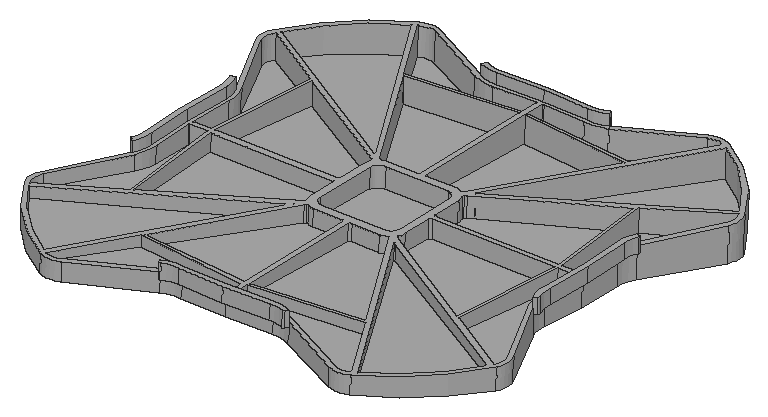
Revit family "Gefälleblock 2,5 Grad BIG FOOT 330", category HLS-Bauteile, Revit 2023
Family settings
  Bemaßung runder Anschluss = Durchmesser verwenden
  Klassifizierung = Keine
  Teiletyp = Normal
  Arbeitsebenenbasiert = Ja
  Immer vertikal = Nein
  Beim Laden mit Abzugskörper schneiden = Nein
  Beschriftungsausrichtung beibehalten = Nein
  Gemeinsam genutzt = Ja
  Raumberechnungspunkt = Nein
Parameters
  vpe = "1"
  passend für = "BIG FOOT® 330"
  max. Temperaturbeständigkeit = "80 °C"
  Default Elevation = 1219.2 mm
  Regelhalter [instance] = ""
  Neigung = "2.5 °"
  Mengeneinheit = "St"
  Materialname = "Polyamid 6"
  Material = "Kunststoff"
  Länge = 330 mm
  Kurztext2 = "Kunststoff 330x330x12 / 26 mm 2,5 °"
  Kurztext1 = "Gefälleblock BIG FOOT® 330"
  Höhe 2 = "26 mm"
  Höhe 1 = "12 mm"
  Gewicht pro Bauteil = Gewicht  # 0.60 kg
  Gewicht = 0.60 kg
  Fabrikat = "MEFA"
  EAN = "4250928468932"
  Breite = 330 mm
  Artikelnummer = "08197628"
Reference planes
  plane 1 "Mitte (Vorne/hinten)": y = 0
  plane 2: z = 0
  plane 3 "Mitte (Links/rechts)": x = 0
Forms (mm)
  Extrusion 1, solid, material "MEFA PA 6"
    sketch origin (0, -0.763, -18.932) x (1, 0, 0) y (0, 0.999048, -0.043619)
      loop
        arc (-92.67, 163.502) -> (-99.992, 165.249) -> (-107.242, 163.219) r 15
        arc (-107.242, 163.219) -> (-138.992, 138.987) -> (-163.222, 107.236) r 150
        arc (-163.222, 107.236) -> (-165.249, 99.989) -> (-163.502, 92.67) r 15
        line (-163.502, 92.67) -> (-138.498, 44.638)
        arc (-138.498, 44.638) -> (-136.225, 38.238) -> (-135.758, 31.463) r 25
        line (-135.758, 31.463) -> (-136.857, 0) -> (-135.758, -31.463)
        arc (-135.758, -31.463) -> (-136.225, -38.238) -> (-138.498, -44.638) r 25
        line (-138.498, -44.638) -> (-163.502, -92.67)
        arc (-163.502, -92.67) -> (-165.249, -99.989) -> (-163.222, -107.236) r 15
        arc (-163.222, -107.236) -> (-138.992, -138.987) -> (-107.242, -163.219) r 150
        arc (-107.242, -163.219) -> (-99.992, -165.249) -> (-92.67, -163.502) r 15
        line (-92.67, -163.502) -> (-44.638, -138.498)
        arc (-44.638, -138.498) -> (-38.238, -136.225) -> (-31.463, -135.758) r 25
        line (-31.463, -135.758) -> (0, -136.857) -> (31.463, -135.758)
        arc (31.463, -135.758) -> (38.238, -136.225) -> (44.638, -138.498) r 25
        line (44.638, -138.498) -> (92.67, -163.502)
        arc (92.67, -163.502) -> (99.992, -165.249) -> (107.242, -163.219) r 15
        arc (107.242, -163.219) -> (138.992, -138.987) -> (163.222, -107.236) r 150
        arc (163.222, -107.236) -> (165.249, -99.989) -> (163.502, -92.67) r 15
        line (163.502, -92.67) -> (138.498, -44.638)
        arc (138.498, -44.638) -> (136.225, -38.238) -> (135.758, -31.463) r 25
        line (135.758, -31.463) -> (136.857, 0) -> (135.758, 31.463)
        arc (135.758, 31.463) -> (136.225, 38.238) -> (138.498, 44.638) r 25
        line (138.498, 44.638) -> (163.502, 92.67)
        arc (163.502, 92.67) -> (165.249, 99.989) -> (163.222, 107.236) r 15
        arc (163.222, 107.236) -> (138.992, 138.987) -> (107.242, 163.219) r 150
        arc (107.242, 163.219) -> (99.992, 165.249) -> (92.67, 163.502) r 15
        line (92.67, 163.502) -> (44.638, 138.498)
        arc (44.638, 138.498) -> (38.238, 136.225) -> (31.463, 135.758) r 25
        line (31.463, 135.758) -> (0, 136.857) -> (-31.463, 135.758)
        arc (-31.463, 135.758) -> (-38.238, 136.225) -> (-44.638, 138.498) r 25
        line (-44.638, 138.498) -> (-92.67, 163.502)
    from 0 to 35
  Extrusion 2, void, detail levels medium+fine
    sketch origin (0, 2.334, 52) x (-1, 0, 0) y (0, -0.999048, 0.043619)
      loop
        arc (-34.773, -35.677) -> (-34.843, -35.116) -> (-35.404, -35.047) r 0.46
        line (-35.404, -35.047) -> (-158.623, -108.782)
        arc (-158.623, -108.782) -> (-136.558, -136.863) -> (-108.412, -158.846) r 148.088
        line (-108.412, -158.846) -> (-34.773, -35.677)
      loop
        line (-32.94, -29.823) -> (-31.816, -28.7)
        arc (-31.816, -28.7) -> (-31.522, -28.208) -> (-31.494, -27.636) r 1.179
        arc (-31.494, -27.636) -> (-32.431, -25.282) -> (-32.71, -22.764) r 9.469
        line (-32.71, -22.764) -> (-32.71, -3.235)
        arc (-32.71, -3.235) -> (-33.15, -2.173) -> (-34.212, -1.733) r 1.502
        line (-34.212, -1.733) -> (-133.667, -1.733) -> (-133.667, -2.739) -> (-132.582, -31.24)
        arc (-132.582, -31.24) -> (-133.099, -38.888) -> (-135.673, -46.108) r 27.963
        line (-135.673, -46.108) -> (-160.665, -94.116)
        arc (-160.665, -94.116) -> (-161.994, -100.047) -> (-160.247, -105.869) r 12
        line (-160.247, -105.869) -> (-32.94, -29.823)
      loop
        line (-29.664, -33.037) -> (-105.568, -160.425)
        arc (-105.568, -160.425) -> (-99.872, -161.999) -> (-94.116, -160.665) r 12
        line (-94.116, -160.665) -> (-46.108, -135.673)
        arc (-46.108, -135.673) -> (-38.888, -133.099) -> (-31.24, -132.582) r 27.963
        line (-31.24, -132.582) -> (-2.739, -133.667) -> (-1.733, -133.667) -> (-1.733, -34.212)
        arc (-1.733, -34.212) -> (-2.173, -33.15) -> (-3.235, -32.71) r 1.502
        line (-3.235, -32.71) -> (-22.764, -32.71)
        arc (-22.764, -32.71) -> (-25.188, -32.454) -> (-27.467, -31.587) r 9.469
        arc (-27.467, -31.587) -> (-28.09, -31.576) -> (-28.631, -31.885) r 1.179
        line (-28.631, -31.885) -> (-29.664, -33.037)
      loop
        line (-34.773, 35.677) -> (-108.412, 158.846)
        arc (-108.412, 158.846) -> (-136.558, 136.863) -> (-158.623, 108.782) r 148.088
        line (-158.623, 108.782) -> (-35.404, 35.047)
        arc (-35.404, 35.047) -> (-34.843, 35.116) -> (-34.773, 35.677) r 0.46
      loop
        line (-32.94, 29.823) -> (-160.247, 105.869)
        arc (-160.247, 105.869) -> (-161.994, 100.047) -> (-160.665, 94.116) r 12
        line (-160.665, 94.116) -> (-135.673, 46.108)
        arc (-135.673, 46.108) -> (-133.099, 38.888) -> (-132.582, 31.24) r 27.963
        line (-132.582, 31.24) -> (-133.667, 2.739) -> (-133.667, 1.733) -> (-34.212, 1.733)
        arc (-34.212, 1.733) -> (-33.15, 2.173) -> (-32.71, 3.235) r 1.502
        line (-32.71, 3.235) -> (-32.71, 22.764)
        arc (-32.71, 22.764) -> (-32.431, 25.282) -> (-31.494, 27.636) r 9.469
        arc (-31.494, 27.636) -> (-31.522, 28.208) -> (-31.816, 28.7) r 1.179
        line (-31.816, 28.7) -> (-32.94, 29.823)
      loop
        line (-29.664, 33.037) -> (-28.631, 31.885)
        arc (-28.631, 31.885) -> (-28.09, 31.576) -> (-27.467, 31.587) r 1.179
        arc (-27.467, 31.587) -> (-25.188, 32.454) -> (-22.764, 32.71) r 9.469
        line (-22.764, 32.71) -> (-3.235, 32.71)
        arc (-3.235, 32.71) -> (-2.173, 33.15) -> (-1.733, 34.212) r 1.502
        line (-1.733, 34.212) -> (-1.733, 133.667) -> (-2.739, 133.667) -> (-31.24, 132.582)
        arc (-31.24, 132.582) -> (-38.888, 133.099) -> (-46.108, 135.673) r 27.963
        line (-46.108, 135.673) -> (-94.116, 160.665)
        arc (-94.116, 160.665) -> (-99.872, 161.999) -> (-105.568, 160.425) r 12
        line (-105.568, 160.425) -> (-29.664, 33.037)
      loop
        line (34.773, -35.677) -> (108.412, -158.846)
        arc (108.412, -158.846) -> (136.558, -136.863) -> (158.623, -108.782) r 148.088
        line (158.623, -108.782) -> (35.404, -35.047)
        arc (35.404, -35.047) -> (34.843, -35.116) -> (34.773, -35.677) r 0.46
      loop
        line (32.94, -29.823) -> (160.247, -105.869)
        arc (160.247, -105.869) -> (161.994, -100.047) -> (160.665, -94.116) r 12
        line (160.665, -94.116) -> (135.673, -46.108)
        arc (135.673, -46.108) -> (133.099, -38.888) -> (132.582, -31.24) r 27.963
        line (132.582, -31.24) -> (133.667, -2.739) -> (133.667, -1.733) -> (34.212, -1.733)
        arc (34.212, -1.733) -> (33.15, -2.173) -> (32.71, -3.235) r 1.502
        line (32.71, -3.235) -> (32.71, -22.764)
        arc (32.71, -22.764) -> (32.431, -25.282) -> (31.494, -27.636) r 9.469
        arc (31.494, -27.636) -> (31.522, -28.208) -> (31.816, -28.7) r 1.179
        line (31.816, -28.7) -> (32.94, -29.823)
      loop
        line (29.664, -33.037) -> (28.631, -31.885)
        arc (28.631, -31.885) -> (28.09, -31.576) -> (27.467, -31.587) r 1.179
        arc (27.467, -31.587) -> (25.188, -32.454) -> (22.764, -32.71) r 9.469
        line (22.764, -32.71) -> (3.235, -32.71)
        arc (3.235, -32.71) -> (2.173, -33.15) -> (1.733, -34.212) r 1.502
        line (1.733, -34.212) -> (1.733, -133.667) -> (2.739, -133.667) -> (31.24, -132.582)
        arc (31.24, -132.582) -> (38.888, -133.099) -> (46.108, -135.673) r 27.963
        line (46.108, -135.673) -> (94.116, -160.665)
        arc (94.116, -160.665) -> (99.872, -161.999) -> (105.568, -160.425) r 12
        line (105.568, -160.425) -> (29.664, -33.037)
      loop
        arc (34.773, 35.677) -> (34.843, 35.116) -> (35.404, 35.047) r 0.46
        line (35.404, 35.047) -> (158.623, 108.782)
        arc (158.623, 108.782) -> (136.558, 136.863) -> (108.412, 158.846) r 148.088
        line (108.412, 158.846) -> (34.773, 35.677)
      loop
        line (32.94, 29.823) -> (31.816, 28.7)
        arc (31.816, 28.7) -> (31.522, 28.208) -> (31.494, 27.636) r 1.179
        arc (31.494, 27.636) -> (32.431, 25.282) -> (32.71, 22.764) r 9.469
        line (32.71, 22.764) -> (32.71, 3.235)
        arc (32.71, 3.235) -> (33.15, 2.173) -> (34.212, 1.733) r 1.502
        line (34.212, 1.733) -> (133.667, 1.733) -> (133.667, 2.739) -> (132.582, 31.24)
        arc (132.582, 31.24) -> (133.099, 38.888) -> (135.673, 46.108) r 27.963
        line (135.673, 46.108) -> (160.665, 94.116)
        arc (160.665, 94.116) -> (161.994, 100.047) -> (160.247, 105.869) r 12
        line (160.247, 105.869) -> (32.94, 29.823)
      loop
        line (29.664, 33.037) -> (105.568, 160.425)
        arc (105.568, 160.425) -> (99.872, 161.999) -> (94.116, 160.665) r 12
        line (94.116, 160.665) -> (46.108, 135.673)
        arc (46.108, 135.673) -> (38.888, 133.099) -> (31.24, 132.582) r 27.963
        line (31.24, 132.582) -> (2.739, 133.667) -> (1.733, 133.667) -> (1.733, 34.212)
        arc (1.733, 34.212) -> (2.173, 33.15) -> (3.235, 32.71) r 1.502
        line (3.235, 32.71) -> (22.764, 32.71)
        arc (22.764, 32.71) -> (25.188, 32.454) -> (27.467, 31.587) r 9.469
        arc (27.467, 31.587) -> (28.09, 31.576) -> (28.631, 31.885) r 1.179
        line (28.631, 31.885) -> (29.664, 33.037)
    from -64.253 to -36
  Extrusion 3, solid, material "MEFA PA 6"
    sketch origin (0, -0.763, -18.932) x (1, 0, 0) y (0, 0.999048, -0.043619)
      loop
        arc (-0.125, 120.856) -> (-39.035, 118.976) -> (-77.602, 113.491) r 419.112
        line (-77.602, 113.491) -> (-76.531, 111.693)
        arc (-76.531, 111.693) -> (-38.492, 117.027) -> (-0.125, 118.856) r 419.112
        arc (-0.125, 118.856) -> (38.368, 117.039) -> (76.531, 111.693) r 418.933
        line (76.531, 111.693) -> (77.602, 113.491)
        arc (77.602, 113.491) -> (38.91, 118.988) -> (-0.125, 120.856) r 418.933
      loop
        arc (-120.856, 0.125) -> (-118.974, -39.064) -> (-113.434, -77.905) r 418.933
        line (-113.434, -77.905) -> (-111.637, -76.832)
        arc (-111.637, -76.832) -> (-117.025, -38.52) -> (-118.856, 0.125) r 418.933
        arc (-118.856, 0.125) -> (-117.013, 38.645) -> (-111.637, 76.832) r 419.112
        line (-111.637, 76.832) -> (-113.434, 77.905)
        arc (-113.434, 77.905) -> (-118.961, 39.189) -> (-120.856, 0.125) r 419.112
      loop
        arc (0.125, -120.856) -> (39.035, -118.976) -> (77.602, -113.491) r 419.112
        line (77.602, -113.491) -> (76.531, -111.693)
        arc (76.531, -111.693) -> (38.492, -117.027) -> (0.125, -118.856) r 419.112
        arc (0.125, -118.856) -> (-38.368, -117.039) -> (-76.531, -111.693) r 418.933
        line (-76.531, -111.693) -> (-77.602, -113.491)
        arc (-77.602, -113.491) -> (-38.91, -118.988) -> (0.125, -120.856) r 418.933
      loop
        arc (120.856, -0.125) -> (118.974, 39.064) -> (113.434, 77.905) r 418.933
        line (113.434, 77.905) -> (111.637, 76.832)
        arc (111.637, 76.832) -> (117.025, 38.52) -> (118.856, -0.125) r 418.933
        arc (118.856, -0.125) -> (117.013, -38.645) -> (111.637, -76.832) r 419.112
        line (111.637, -76.832) -> (113.434, -77.905)
        arc (113.434, -77.905) -> (118.961, -39.189) -> (120.856, -0.125) r 419.112
    from 6.747 to 25
  Extrusion 4, void
    sketch origin (0, 0, 0) x (0, 1, 0) y (0, 0, 1)
      loop
        line (165.858, 8.826) -> (-164.331, 23.243) -> (-165.346, 0) -> (165.472, 0) -> (165.858, 8.826)
    from -170 to 170
  Extrusion 5, solid, material "MEFA PA 6"
    sketch origin (0, -0.763, -18.932) x (1, 0, 0) y (0, 0.999048, -0.043619)
      loop
        line (-31.463, 135.758) -> (-0.005, 136.857) -> (31.474, 135.757)
        arc (31.474, 135.757) -> (38.243, 136.226) -> (44.638, 138.498) r 25
        line (44.638, 138.498) -> (43.463, 140.768)
        arc (43.463, 140.768) -> (42.914, 141.249) -> (42.184, 141.229) r 1
        arc (42.184, 141.229) -> (36.997, 139.665) -> (31.596, 139.255) r 25
        line (31.596, 139.255) -> (-0.004, 140.359) -> (-31.545, 139.257)
        arc (-31.545, 139.257) -> (-36.972, 139.661) -> (-42.184, 141.229) r 25
        arc (-42.184, 141.229) -> (-42.914, 141.249) -> (-43.463, 140.768) r 1
        line (-43.463, 140.768) -> (-44.638, 138.498)
        arc (-44.638, 138.498) -> (-38.238, 136.225) -> (-31.463, 135.758) r 25
    from 21.9 to 31.9
  Extrusion 6, solid, material "MEFA PA 6"
    sketch origin (0, 3.904, -3) x (1, 0, 0) y (0, 1, 0)
      loop
        line (136.857, -3.971) -> (135.801, -34.224)
        arc (135.801, -34.224) -> (136.063, -41.582) -> (138.448, -48.547) r 25.1
        line (138.448, -48.547) -> (140.82, -47.321)
        arc (140.82, -47.321) -> (141.289, -46.79) -> (141.279, -46.082) r 0.982
        arc (141.279, -46.082) -> (139.843, -41.065) -> (139.48, -35.86) r 25
        line (139.48, -35.86) -> (140.593, -3.971) -> (139.47, 28.175)
        arc (139.47, 28.175) -> (139.874, 33.608) -> (141.446, 38.824) r 25
        arc (141.446, 38.824) -> (141.429, 39.636) -> (140.811, 40.163) r 0.991
        line (140.811, 40.163) -> (138.56, 40.821)
        arc (138.56, 40.821) -> (136.415, 35.128) -> (135.703, 29.086) r 25.1
        line (135.703, 29.086) -> (136.857, -3.971)
    from 0 to 10
  Extrusion 7, solid, material "MEFA PA 6"
    sketch origin (0, 3.904, -3) x (-1, 0, 0) y (0, -1, 0)
      loop
        line (136.857, 3.971) -> (135.703, -29.086)
        arc (135.703, -29.086) -> (136.412, -35.128) -> (138.56, -40.821) r 25
        line (138.56, -40.821) -> (140.811, -40.163)
        arc (140.811, -40.163) -> (141.429, -39.636) -> (141.446, -38.824) r 0.991
        arc (141.446, -38.824) -> (139.874, -33.608) -> (139.47, -28.175) r 25
        line (139.47, -28.175) -> (140.593, 3.971) -> (139.48, 35.86)
        arc (139.48, 35.86) -> (139.843, 41.065) -> (141.279, 46.082) r 25
        arc (141.279, 46.082) -> (141.289, 46.79) -> (140.82, 47.321) r 0.982
        line (140.82, 47.321) -> (138.498, 48.521)
        arc (138.498, 48.521) -> (136.212, 42.052) -> (135.767, 35.205) r 25.044
        line (135.767, 35.205) -> (136.857, 3.971)
    from 0 to 10
  Extrusion 8, solid, material "MEFA PA 6"
    sketch origin (0, -0.763, -18.932) x (1, 0, 0) y (0, 0.999048, -0.043619)
      loop
        arc (-31.463, -135.758) -> (-38.238, -136.225) -> (-44.638, -138.498) r 25
        line (-44.638, -138.498) -> (-43.463, -140.768)
        arc (-43.463, -140.768) -> (-42.914, -141.249) -> (-42.184, -141.229) r 1
        arc (-42.184, -141.229) -> (-36.972, -139.661) -> (-31.545, -139.257) r 25
        line (-31.545, -139.257) -> (-0.004, -140.359) -> (31.596, -139.255)
        arc (31.596, -139.255) -> (36.997, -139.665) -> (42.184, -141.229) r 25
        arc (42.184, -141.229) -> (42.914, -141.249) -> (43.463, -140.768) r 1
        line (43.463, -140.768) -> (44.638, -138.498)
        arc (44.638, -138.498) -> (38.243, -136.226) -> (31.474, -135.757) r 25
        line (31.474, -135.757) -> (-0.005, -136.857) -> (-31.463, -135.758)
    from 10 to 20
  Extrusion 9, void
    sketch origin (-0.028, 2.359, 51.999) x (-1, 0, 0) y (0, -0.999048, 0.043619)
      loop
        line (27.493, -21.536) -> (27.493, 21.464)
        arc (27.493, 21.464) -> (25.736, 25.707) -> (21.493, 27.464) r 6
        line (21.493, 27.464) -> (-21.507, 27.464)
        arc (-21.507, 27.464) -> (-25.75, 25.707) -> (-27.507, 21.464) r 6
        line (-27.507, 21.464) -> (-27.507, -21.536)
        arc (-27.507, -21.536) -> (-25.75, -25.778) -> (-21.507, -27.536) r 6
        line (-21.507, -27.536) -> (21.493, -27.536)
        arc (21.493, -27.536) -> (25.736, -25.778) -> (27.493, -21.536) r 6
    from -64.253 to -36
Cuts and joins
  Extrusion 2, Extrusion 4, Extrusion 9 cuts Extrusion 1
  Extrusion 4, Extrusion 9 cuts Extrusion 3
  Extrusion 9 cuts Extrusion 5
  Extrusion 9 cuts Extrusion 8
  joined: Extrusion 1, Extrusion 3, Extrusion 5, Extrusion 8
Dimensions and locks
  aligned and locked: level to plane 2
